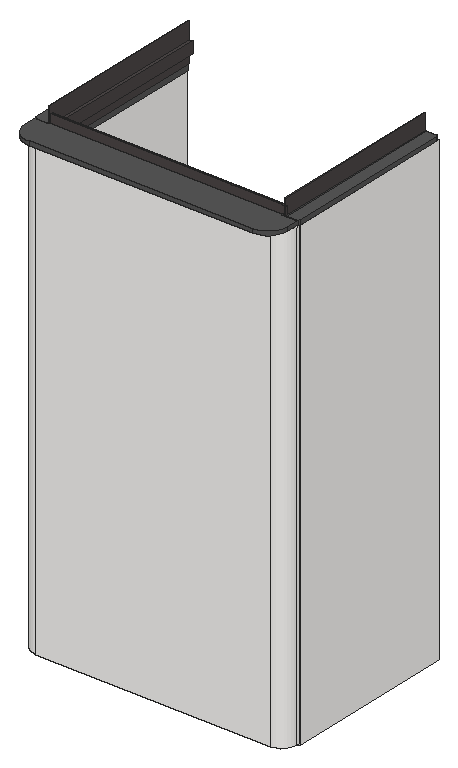
Revit family "vanity unit for handrinse basin, door hinge", category Furniture, Revit 2019 (continued)
Types (48, lengths in mm): name | Vanity unit 340_245 for handrinse basin, door hinge right-54018700-Dark Walnut-MATT_WHITE-400_RX0RY0RZ0TX0TY0TZ0_V | Vanity unit 340_245 for handrinse basin, door hinge right-54018700-Dark Walnut-MATT_WHITE-200_RX0RY0RZ0TX0TY0TZ0_V | Vanity unit 340_245 for handrinse basin, door hinge right-54018670-Dark Walnut-MATT_BLACK-400_RX0RY0RZ0TX0TY0TZ0_V | Vanity unit 340_245 for handrinse basin, door hinge right-54018670-Dark Walnut-MATT_BLACK-200_RX0RY0RZ0TX0TY0TZ0_V | Vanity unit 340_245 for handrinse basin, door hinge right-54018000-Dark Walnut-CHROME-400_RX0RY0RZ0TX0TY0TZ0_V | Vanity unit 340_245 for handrinse basin, door hinge right-54018000-Dark Walnut-CHROME-200_RX0RY0RZ0TX0TY0TZ0_V | Vanity unit 340_245 for handrinse basin, door hinge right-54017700-Natural Oak-MATT_WHITE-400_RX0RY0RZ0TX0TY0TZ0_V | Vanity unit 340_245 for handrinse basin, door hinge right-54017700-Natural Oak-MATT_WHITE-200_RX0RY0RZ0TX0TY0TZ0_V | Vanity unit 340_245 for handrinse basin, door hinge right-54017670-Natural Oak-MATT_BLACK-400_RX0RY0RZ0TX0TY0TZ0_V | Vanity unit 340_245 for handrinse basin, door hinge right-54017670-Natural Oak-MATT_BLACK-200_RX0RY0RZ0TX0TY0TZ0_V | Vanity unit 340_245 for handrinse basin, door hinge right-54017000-Natural Oak-CHROME-400_RX0RY0RZ0TX0TY0TZ0_V | Vanity unit 340_245 for handrinse basin, door hinge right-54017000-Natural Oak-CHROME-200_RX0RY0RZ0TX0TY0TZ0_V | Vanity unit 340_245 for handrinse basin, door hinge right-54016700-Diamond Matt Grey-MATT_WHITE-400_RX0RY0RZ0TX0TY0TZ0_V | Vanity unit 340_245 for handrinse basin, door hinge right-54016700-Diamond Matt Grey-MATT_WHITE-200_RX0RY0RZ0TX0TY0TZ0_V | Vanity unit 340_245 for handrinse basin, door hinge right-54016670-Diamond Matt Grey-MATT_BLACK-400_RX0RY0RZ0TX0TY0TZ0_V | Vanity unit 340_245 for handrinse basin, door hinge right-54016670-Diamond Matt Grey-MATT_BLACK-200_RX0RY0RZ0TX0TY0TZ0_V | Vanity unit 340_245 for handrinse basin, door hinge right-54016000-Diamond Matt Grey-CHROME-400_RX0RY0RZ0TX0TY0TZ0_V | Vanity unit 340_245 for handrinse basin, door hinge right-54016000-Diamond Matt Grey-CHROME-200_RX0RY0RZ0TX0TY0TZ0_V | Vanity unit 340_245 for handrinse basin, door hinge right-54015700-High Gloss White-MATT_WHITE-400_RX0RY0RZ0TX0TY0TZ0_V | Vanity unit 340_245 for handrinse basin, door hinge right-54015700-High Gloss White-MATT_WHITE-200_RX0RY0RZ0TX0TY0TZ0_V | Vanity unit 340_245 for handrinse basin, door hinge right-54015670-High Gloss White-MATT_BLACK-400_RX0RY0RZ0TX0TY0TZ0_V | Vanity unit 340_245 for handrinse basin, door hinge right-54015670-High Gloss White-MATT_BLACK-200_RX0RY0RZ0TX0TY0TZ0_V | Vanity unit 340_245 for handrinse basin, door hinge right-54015000-High Gloss White-CHROME-400_RX0RY0RZ0TX0TY0TZ0_V | Vanity unit 340_245 for handrinse basin, door hinge right-54015000-High Gloss White-CHROME-200_RX0RY0RZ0TX0TY0TZ0_V | Vanity unit 340_245 for handrinse basin, door hinge left-54014700-Dark Walnut-MATT_WHITE-400_RX0RY0RZ0TX0TY0TZ0_V | Vanity unit 340_245 for handrinse basin, door hinge left-54014700-Dark Walnut-MATT_WHITE-200_RX0RY0RZ0TX0TY0TZ0_V | Vanity unit 340_245 for handrinse basin, door hinge left-54014670-Dark Walnut-MATT_BLACK-400_RX0RY0RZ0TX0TY0TZ0_V | Vanity unit 340_245 for handrinse basin, door hinge left-54014670-Dark Walnut-MATT_BLACK-200_RX0RY0RZ0TX0TY0TZ0_V | Vanity unit 340_245 for handrinse basin, door hinge left-54014000-Dark Walnut-CHROME-400_RX0RY0RZ0TX0TY0TZ0_V | Vanity unit 340_245 for handrinse basin, door hinge left-54014000-Dark Walnut-CHROME-200_RX0RY0RZ0TX0TY0TZ0_V | Vanity unit 340_245 for handrinse basin, door hinge left-54013700-Natural Oak-MATT_WHITE-400_RX0RY0RZ0TX0TY0TZ0_V | Vanity unit 340_245 for handrinse basin, door hinge left-54013700-Natural Oak-MATT_WHITE-200_RX0RY0RZ0TX0TY0TZ0_V | Vanity unit 340_245 for handrinse basin, door hinge left-54013670-Natural Oak-MATT_BLACK-400_RX0RY0RZ0TX0TY0TZ0_V | Vanity unit 340_245 for handrinse basin, door hinge left-54013670-Natural Oak-MATT_BLACK-200_RX0RY0RZ0TX0TY0TZ0_V | Vanity unit 340_245 for handrinse basin, door hinge left-54013000-Natural Oak-CHROME-400_RX0RY0RZ0TX0TY0TZ0_V | Vanity unit 340_245 for handrinse basin, door hinge left-54013000-Natural Oak-CHROME-200_RX0RY0RZ0TX0TY0TZ0_V | Vanity unit 340_245 for handrinse basin, door hinge left-54012700-Diamond Matt Grey-MATT_WHITE-400_RX0RY0RZ0TX0TY0TZ0_V | Vanity unit 340_245 for handrinse basin, door hinge left-54012700-Diamond Matt Grey-MATT_WHITE-200_RX0RY0RZ0TX0TY0TZ0_V | Vanity unit 340_245 for handrinse basin, door hinge left-54012670-Diamond Matt Grey-MATT_BLACK-400_RX0RY0RZ0TX0TY0TZ0_V | Vanity unit 340_245 for handrinse basin, door hinge left-54012670-Diamond Matt Grey-MATT_BLACK-200_RX0RY0RZ0TX0TY0TZ0_V | Vanity unit 340_245 for handrinse basin, door hinge left-54012000-Diamond Matt Grey-CHROME-400_RX0RY0RZ0TX0TY0TZ0_V | Vanity unit 340_245 for handrinse basin, door hinge left-54012000-Diamond Matt Grey-CHROME-200_RX0RY0RZ0TX0TY0TZ0_V | Vanity unit 340_245 for handrinse basin, door hinge left-54011700-High Gloss White-MATT_WHITE-400_RX0RY0RZ0TX0TY0TZ0_V | Vanity unit 340_245 for handrinse basin, door hinge left-54011700-High Gloss White-MATT_WHITE-200_RX0RY0RZ0TX0TY0TZ0_V | Vanity unit 340_245 for handrinse basin, door hinge left-54011670-High Gloss White-MATT_BLACK-400_RX0RY0RZ0TX0TY0TZ0_V | Vanity unit 340_245 for handrinse basin, door hinge left-54011670-High Gloss White-MATT_BLACK-200_RX0RY0RZ0TX0TY0TZ0_V | Vanity unit 340_245 for handrinse basin, door hinge left-54011000-High Gloss White-CHROME-400_RX0RY0RZ0TX0TY0TZ0_V | Vanity unit 340_245 for handrinse basin, door hinge left-54011000-High Gloss White-CHROME-200_RX0RY0RZ0TX0TY0TZ0_V | SURFACE | PRODUCTURL | PERMALINK | OBERFLAECHE | NB | NAME | Model | MIdent | LODLEVEL | LINA | GTINCODE | BASENUMBER | ARTNR
  Vanity unit 340_245 for handrinse basin, door hinge left-54012670-Diamond Matt Grey-MATT_BLACK-400 | no | no | no | no | no | no | no | no | no | no | no | no | no | no | no | no | no | no | no | no | no | no | no | no | no | no | no | no | no | no | no | no | no | no | no | no | no | no | yes | no | no | no | no | no | no | no | no | no | "MATT_BLACK" | "https://pro.hansgrohe.com/articledetail--54012000" | "54012XXX" | "Diamond Matt Grey" | "Vanity unit 340/245 for handrinse basin, door hinge left-54012670-Diamond Matt Grey-MATT_BLACK-400" | "Xelu Q Vanity unit Diamond Matt Grey 340/245 for handrinse basin, door hinge left" | "Vanity unit 340/245 for handrinse basin, door hinge left-54012670-Diamond Matt Grey-MATT_BLACK-400" | "{$CADENAS_DATA/23d-libs/hansgrohe/xelu_furniture/vanity_unit_with_door_hinge/vanity_unit_for_handrinse_basin_with_door_hing.prj},381 {VTYP=3D},{NB=Vanity unit 340/245 for handrinse basin, door hinge left-54012670-Diamond Matt Grey-MATT_BLACK-400},{LINA=Vanity unit 340/245 for handrinse basin, door hinge left-54012670-Diamond Matt Grey-MATT_BLACK-400},{NN=Vanity Unit for handrinse basin, door hinge},{DATE=13.03.2023 09:26:03},{GEOMDATE=13.03.2023 09:26:00},{VERSION=},{LINEID=50},{WBVAR=LODLEVEL},{WBNUMERIC=}  {NB=Vanity unit 340/245 for handrinse basin, door hinge left-54012670-Diamond Matt Grey-MATT_BLACK-400},{LINA=Vanity unit 340/245 for handrinse basin, door hinge left-54012670-Diamond Matt Grey-MATT_BLACK-400},{KT=DUMMY},{IDNR=5},{ARTNR=54012670},{BASENUMBER=Vanity unit 340/245 for handrinse basin, door hinge left},{MODEL=54012XXX},{OBERFLAECHE=Diamond Matt Grey},{SURFACE=MATT_BLACK},{L=340},{LODLEVEL=400},{LODLEVELX='400','400','200','200'},{NAME=Xelu Q Vanity unit Diamond Matt Grey 340/245 for handrinse basin, door hinge left},{PERMALINK=54012XXX},{OBJECTTYPE=Object (single object)},{BIMOBJECT=Sanitary: Compound units},{PRODUCTFAMILY=Xelu Q},{PRODUCTGROUP=vanity unit},{WEIGHT=9.9},{DESCRIPTION=Xelu Q Vanity unit Diamond Matt Grey 340/245 for handrinse basin, door hinge left},{SPECIFICATION=},{PRODUCTURL=https://pro.hansgrohe.com/articledetail--54012000},{GTINCODE=4059625455104},{TENDERURL=},{IFC=Furnishing element},{ETIM=EC011381 | Bathroom furniture set},{UNICLASS2015=Pr_40_30_78_05 | Bathroom furniture},{OMNICLASS=23-21 19 15 33 13 | Residential Bathroom Specialty Casework},{MASTERFORMAT=12 35 30.23 | Bathroom Casework},{UNSPSC=56 | Furniture and Furnishings},{UNIFORMATII=E2010 | Fixed Furnishings},{REGIONSET=Worldwide},{DESIGN=Germany},{MANUFACTURER=Germany}" | "400" | "Vanity unit 340/245 for handrinse basin, door hinge left-54012670-Diamond Matt Grey-MATT_BLACK-400" | "4059625455104" | "Vanity unit 340/245 for handrinse basin, door hinge left" | "54012670"
  Vanity unit 340_245 for handrinse basin, door hinge left-54012700-Diamond Matt Grey-MATT_WHITE-200 | no | no | no | no | no | no | no | no | no | no | no | no | no | no | no | no | no | no | no | no | no | no | no | no | no | no | no | no | no | no | no | no | no | no | no | no | no | yes | no | no | no | no | no | no | no | no | no | no | "MATT_WHITE" | "https://pro.hansgrohe.com/articledetail--54012000" | "54012XXX" | "Diamond Matt Grey" | "Vanity unit 340/245 for handrinse basin, door hinge left-54012700-Diamond Matt Grey-MATT_WHITE-200" | "Xelu Q Vanity unit Diamond Matt Grey 340/245 for handrinse basin, door hinge left" | "Vanity unit 340/245 for handrinse basin, door hinge left-54012700-Diamond Matt Grey-MATT_WHITE-200" | "{$CADENAS_DATA/23d-libs/hansgrohe/xelu_furniture/vanity_unit_with_door_hinge/vanity_unit_for_handrinse_basin_with_door_hing.prj},381 {VTYP=3D},{NB=Vanity unit 340/245 for handrinse basin, door hinge left-54012700-Diamond Matt Grey-MATT_WHITE-200},{LINA=Vanity unit 340/245 for handrinse basin, door hinge left-54012700-Diamond Matt Grey-MATT_WHITE-200},{NN=Vanity Unit for handrinse basin, door hinge},{DATE=13.03.2023 09:26:03},{GEOMDATE=13.03.2023 09:26:00},{VERSION=},{LINEID=60},{WBVAR=LODLEVEL},{WBNUMERIC=}  {NB=Vanity unit 340/245 for handrinse basin, door hinge left-54012700-Diamond Matt Grey-MATT_WHITE-200},{LINA=Vanity unit 340/245 for handrinse basin, door hinge left-54012700-Diamond Matt Grey-MATT_WHITE-200},{KT=DUMMY},{IDNR=6},{ARTNR=54012700},{BASENUMBER=Vanity unit 340/245 for handrinse basin, door hinge left},{MODEL=54012XXX},{OBERFLAECHE=Diamond Matt Grey},{SURFACE=MATT_WHITE},{L=340},{LODLEVEL=200},{LODLEVELX='400','400','200','200'},{NAME=Xelu Q Vanity unit Diamond Matt Grey 340/245 for handrinse basin, door hinge left},{PERMALINK=54012XXX},{OBJECTTYPE=Object (single object)},{BIMOBJECT=Sanitary: Compound units},{PRODUCTFAMILY=Xelu Q},{PRODUCTGROUP=vanity unit},{WEIGHT=9.9},{DESCRIPTION=Xelu Q Vanity unit Diamond Matt Grey 340/245 for handrinse basin, door hinge left},{SPECIFICATION=},{PRODUCTURL=https://pro.hansgrohe.com/articledetail--54012000},{GTINCODE=4059625455104},{TENDERURL=},{IFC=Furnishing element},{ETIM=EC011381 | Bathroom furniture set},{UNICLASS2015=Pr_40_30_78_05 | Bathroom furniture},{OMNICLASS=23-21 19 15 33 13 | Residential Bathroom Specialty Casework},{MASTERFORMAT=12 35 30.23 | Bathroom Casework},{UNSPSC=56 | Furniture and Furnishings},{UNIFORMATII=E2010 | Fixed Furnishings},{REGIONSET=Worldwide},{DESIGN=Germany},{MANUFACTURER=Germany}" | "200" | "Vanity unit 340/245 for handrinse basin, door hinge left-54012700-Diamond Matt Grey-MATT_WHITE-200" | "4059625455104" | "Vanity unit 340/245 for handrinse basin, door hinge left" | "54012700"
  Vanity unit 340_245 for handrinse basin, door hinge left-54012700-Diamond Matt Grey-MATT_WHITE-400 | no | no | no | no | no | no | no | no | no | no | no | no | no | no | no | no | no | no | no | no | no | no | no | no | no | no | no | no | no | no | no | no | no | no | no | no | yes | no | no | no | no | no | no | no | no | no | no | no | "MATT_WHITE" | "https://pro.hansgrohe.com/articledetail--54012000" | "54012XXX" | "Diamond Matt Grey" | "Vanity unit 340/245 for handrinse basin, door hinge left-54012700-Diamond Matt Grey-MATT_WHITE-400" | "Xelu Q Vanity unit Diamond Matt Grey 340/245 for handrinse basin, door hinge left" | "Vanity unit 340/245 for handrinse basin, door hinge left-54012700-Diamond Matt Grey-MATT_WHITE-400" | "{$CADENAS_DATA/23d-libs/hansgrohe/xelu_furniture/vanity_unit_with_door_hinge/vanity_unit_for_handrinse_basin_with_door_hing.prj},381 {VTYP=3D},{NB=Vanity unit 340/245 for handrinse basin, door hinge left-54012700-Diamond Matt Grey-MATT_WHITE-400},{LINA=Vanity unit 340/245 for handrinse basin, door hinge left-54012700-Diamond Matt Grey-MATT_WHITE-400},{NN=Vanity Unit for handrinse basin, door hinge},{DATE=13.03.2023 09:26:03},{GEOMDATE=13.03.2023 09:26:00},{VERSION=},{LINEID=60},{WBVAR=LODLEVEL},{WBNUMERIC=}  {NB=Vanity unit 340/245 for handrinse basin, door hinge left-54012700-Diamond Matt Grey-MATT_WHITE-400},{LINA=Vanity unit 340/245 for handrinse basin, door hinge left-54012700-Diamond Matt Grey-MATT_WHITE-400},{KT=DUMMY},{IDNR=6},{ARTNR=54012700},{BASENUMBER=Vanity unit 340/245 for handrinse basin, door hinge left},{MODEL=54012XXX},{OBERFLAECHE=Diamond Matt Grey},{SURFACE=MATT_WHITE},{L=340},{LODLEVEL=400},{LODLEVELX='400','400','200','200'},{NAME=Xelu Q Vanity unit Diamond Matt Grey 340/245 for handrinse basin, door hinge left},{PERMALINK=54012XXX},{OBJECTTYPE=Object (single object)},{BIMOBJECT=Sanitary: Compound units},{PRODUCTFAMILY=Xelu Q},{PRODUCTGROUP=vanity unit},{WEIGHT=9.9},{DESCRIPTION=Xelu Q Vanity unit Diamond Matt Grey 340/245 for handrinse basin, door hinge left},{SPECIFICATION=},{PRODUCTURL=https://pro.hansgrohe.com/articledetail--54012000},{GTINCODE=4059625455104},{TENDERURL=},{IFC=Furnishing element},{ETIM=EC011381 | Bathroom furniture set},{UNICLASS2015=Pr_40_30_78_05 | Bathroom furniture},{OMNICLASS=23-21 19 15 33 13 | Residential Bathroom Specialty Casework},{MASTERFORMAT=12 35 30.23 | Bathroom Casework},{UNSPSC=56 | Furniture and Furnishings},{UNIFORMATII=E2010 | Fixed Furnishings},{REGIONSET=Worldwide},{DESIGN=Germany},{MANUFACTURER=Germany}" | "400" | "Vanity unit 340/245 for handrinse basin, door hinge left-54012700-Diamond Matt Grey-MATT_WHITE-400" | "4059625455104" | "Vanity unit 340/245 for handrinse basin, door hinge left" | "54012700"
  Vanity unit 340_245 for handrinse basin, door hinge left-54013000-Natural Oak-CHROME-200 | no | no | no | no | no | no | no | no | no | no | no | no | no | no | no | no | no | no | no | no | no | no | no | no | no | no | no | no | no | no | no | no | no | no | no | yes | no | no | no | no | no | no | no | no | no | no | no | no | "CHROME" | "https://pro.hansgrohe.com/articledetail--54013000" | "54013XXX" | "Natural Oak" | "Vanity unit 340/245 for handrinse basin, door hinge left-54013000-Natural Oak-CHROME-200" | "Xelu Q Vanity unit Natual Oak 340/245 for handrinse basin, door hinge left" | "Vanity unit 340/245 for handrinse basin, door hinge left-54013000-Natural Oak-CHROME-200" | "{$CADENAS_DATA/23d-libs/hansgrohe/xelu_furniture/vanity_unit_with_door_hinge/vanity_unit_for_handrinse_basin_with_door_hing.prj},361 {VTYP=3D},{NB=Vanity unit 340/245 for handrinse basin, door hinge left-54013000-Natural Oak-CHROME-200},{LINA=Vanity unit 340/245 for handrinse basin, door hinge left-54013000-Natural Oak-CHROME-200},{NN=Vanity Unit for handrinse basin, door hinge},{DATE=13.03.2023 09:26:03},{GEOMDATE=13.03.2023 09:26:00},{VERSION=},{LINEID=90},{WBVAR=LODLEVEL},{WBNUMERIC=}  {NB=Vanity unit 340/245 for handrinse basin, door hinge left-54013000-Natural Oak-CHROME-200},{LINA=Vanity unit 340/245 for handrinse basin, door hinge left-54013000-Natural Oak-CHROME-200},{KT=DUMMY},{IDNR=9},{ARTNR=54013000},{BASENUMBER=Vanity unit 340/245 for handrinse basin, door hinge left},{MODEL=54013XXX},{OBERFLAECHE=Natural Oak},{SURFACE=CHROME},{L=340},{LODLEVEL=200},{LODLEVELX='400','400','200','200'},{NAME=Xelu Q Vanity unit Natual Oak 340/245 for handrinse basin, door hinge left},{PERMALINK=54013XXX},{OBJECTTYPE=Object (single object)},{BIMOBJECT=Sanitary: Compound units},{PRODUCTFAMILY=Xelu Q},{PRODUCTGROUP=vanity unit},{WEIGHT=9.9},{DESCRIPTION=Xelu Q Vanity unit Natual Oak 340/245 for handrinse basin, door hinge left},{SPECIFICATION=},{PRODUCTURL=https://pro.hansgrohe.com/articledetail--54013000},{GTINCODE=4059625455074},{TENDERURL=},{IFC=Furnishing element},{ETIM=EC011381 | Bathroom furniture set},{UNICLASS2015=Pr_40_30_78_05 | Bathroom furniture},{OMNICLASS=23-21 19 15 33 13 | Residential Bathroom Specialty Casework},{MASTERFORMAT=12 35 30.23 | Bathroom Casework},{UNSPSC=56 | Furniture and Furnishings},{UNIFORMATII=E2010 | Fixed Furnishings},{REGIONSET=Worldwide},{DESIGN=Germany},{MANUFACTURER=Germany}" | "200" | "Vanity unit 340/245 for handrinse basin, door hinge left-54013000-Natural Oak-CHROME-200" | "4059625455074" | "Vanity unit 340/245 for handrinse basin, door hinge left" | "54013000"
  Vanity unit 340_245 for handrinse basin, door hinge left-54013000-Natural Oak-CHROME-400 | no | no | no | no | no | no | no | no | no | no | no | no | no | no | no | no | no | no | no | no | no | no | no | no | no | no | no | no | no | no | no | no | no | no | yes | no | no | no | no | no | no | no | no | no | no | no | no | no | "CHROME" | "https://pro.hansgrohe.com/articledetail--54013000" | "54013XXX" | "Natural Oak" | "Vanity unit 340/245 for handrinse basin, door hinge left-54013000-Natural Oak-CHROME-400" | "Xelu Q Vanity unit Natual Oak 340/245 for handrinse basin, door hinge left" | "Vanity unit 340/245 for handrinse basin, door hinge left-54013000-Natural Oak-CHROME-400" | "{$CADENAS_DATA/23d-libs/hansgrohe/xelu_furniture/vanity_unit_with_door_hinge/vanity_unit_for_handrinse_basin_with_door_hing.prj},361 {VTYP=3D},{NB=Vanity unit 340/245 for handrinse basin, door hinge left-54013000-Natural Oak-CHROME-400},{LINA=Vanity unit 340/245 for handrinse basin, door hinge left-54013000-Natural Oak-CHROME-400},{NN=Vanity Unit for handrinse basin, door hinge},{DATE=13.03.2023 09:26:03},{GEOMDATE=13.03.2023 09:26:00},{VERSION=},{LINEID=90},{WBVAR=LODLEVEL},{WBNUMERIC=}  {NB=Vanity unit 340/245 for handrinse basin, door hinge left-54013000-Natural Oak-CHROME-400},{LINA=Vanity unit 340/245 for handrinse basin, door hinge left-54013000-Natural Oak-CHROME-400},{KT=DUMMY},{IDNR=9},{ARTNR=54013000},{BASENUMBER=Vanity unit 340/245 for handrinse basin, door hinge left},{MODEL=54013XXX},{OBERFLAECHE=Natural Oak},{SURFACE=CHROME},{L=340},{LODLEVEL=400},{LODLEVELX='400','400','200','200'},{NAME=Xelu Q Vanity unit Natual Oak 340/245 for handrinse basin, door hinge left},{PERMALINK=54013XXX},{OBJECTTYPE=Object (single object)},{BIMOBJECT=Sanitary: Compound units},{PRODUCTFAMILY=Xelu Q},{PRODUCTGROUP=vanity unit},{WEIGHT=9.9},{DESCRIPTION=Xelu Q Vanity unit Natual Oak 340/245 for handrinse basin, door hinge left},{SPECIFICATION=},{PRODUCTURL=https://pro.hansgrohe.com/articledetail--54013000},{GTINCODE=4059625455074},{TENDERURL=},{IFC=Furnishing element},{ETIM=EC011381 | Bathroom furniture set},{UNICLASS2015=Pr_40_30_78_05 | Bathroom furniture},{OMNICLASS=23-21 19 15 33 13 | Residential Bathroom Specialty Casework},{MASTERFORMAT=12 35 30.23 | Bathroom Casework},{UNSPSC=56 | Furniture and Furnishings},{UNIFORMATII=E2010 | Fixed Furnishings},{REGIONSET=Worldwide},{DESIGN=Germany},{MANUFACTURER=Germany}" | "400" | "Vanity unit 340/245 for handrinse basin, door hinge left-54013000-Natural Oak-CHROME-400" | "4059625455074" | "Vanity unit 340/245 for handrinse basin, door hinge left" | "54013000"
  Vanity unit 340_245 for handrinse basin, door hinge left-54013670-Natural Oak-MATT_BLACK-200 | no | no | no | no | no | no | no | no | no | no | no | no | no | no | no | no | no | no | no | no | no | no | no | no | no | no | no | no | no | no | no | no | no | yes | no | no | no | no | no | no | no | no | no | no | no | no | no | no | "MATT_BLACK" | "https://pro.hansgrohe.com/articledetail--54013000" | "54013XXX" | "Natural Oak" | "Vanity unit 340/245 for handrinse basin, door hinge left-54013670-Natural Oak-MATT_BLACK-200" | "Xelu Q Vanity unit Natual Oak 340/245 for handrinse basin, door hinge left" | "Vanity unit 340/245 for handrinse basin, door hinge left-54013670-Natural Oak-MATT_BLACK-200" | "{$CADENAS_DATA/23d-libs/hansgrohe/xelu_furniture/vanity_unit_with_door_hinge/vanity_unit_for_handrinse_basin_with_door_hing.prj},369 {VTYP=3D},{NB=Vanity unit 340/245 for handrinse basin, door hinge left-54013670-Natural Oak-MATT_BLACK-200},{LINA=Vanity unit 340/245 for handrinse basin, door hinge left-54013670-Natural Oak-MATT_BLACK-200},{NN=Vanity Unit for handrinse basin, door hinge},{DATE=13.03.2023 09:26:03},{GEOMDATE=13.03.2023 09:26:00},{VERSION=},{LINEID=70},{WBVAR=LODLEVEL},{WBNUMERIC=}  {NB=Vanity unit 340/245 for handrinse basin, door hinge left-54013670-Natural Oak-MATT_BLACK-200},{LINA=Vanity unit 340/245 for handrinse basin, door hinge left-54013670-Natural Oak-MATT_BLACK-200},{KT=DUMMY},{IDNR=7},{ARTNR=54013670},{BASENUMBER=Vanity unit 340/245 for handrinse basin, door hinge left},{MODEL=54013XXX},{OBERFLAECHE=Natural Oak},{SURFACE=MATT_BLACK},{L=340},{LODLEVEL=200},{LODLEVELX='400','400','200','200'},{NAME=Xelu Q Vanity unit Natual Oak 340/245 for handrinse basin, door hinge left},{PERMALINK=54013XXX},{OBJECTTYPE=Object (single object)},{BIMOBJECT=Sanitary: Compound units},{PRODUCTFAMILY=Xelu Q},{PRODUCTGROUP=vanity unit},{WEIGHT=9.9},{DESCRIPTION=Xelu Q Vanity unit Natual Oak 340/245 for handrinse basin, door hinge left},{SPECIFICATION=},{PRODUCTURL=https://pro.hansgrohe.com/articledetail--54013000},{GTINCODE=4059625455074},{TENDERURL=},{IFC=Furnishing element},{ETIM=EC011381 | Bathroom furniture set},{UNICLASS2015=Pr_40_30_78_05 | Bathroom furniture},{OMNICLASS=23-21 19 15 33 13 | Residential Bathroom Specialty Casework},{MASTERFORMAT=12 35 30.23 | Bathroom Casework},{UNSPSC=56 | Furniture and Furnishings},{UNIFORMATII=E2010 | Fixed Furnishings},{REGIONSET=Worldwide},{DESIGN=Germany},{MANUFACTURER=Germany}" | "200" | "Vanity unit 340/245 for handrinse basin, door hinge left-54013670-Natural Oak-MATT_BLACK-200" | "4059625455074" | "Vanity unit 340/245 for handrinse basin, door hinge left" | "54013670"
  Vanity unit 340_245 for handrinse basin, door hinge left-54013670-Natural Oak-MATT_BLACK-400 | no | no | no | no | no | no | no | no | no | no | no | no | no | no | no | no | no | no | no | no | no | no | no | no | no | no | no | no | no | no | no | no | yes | no | no | no | no | no | no | no | no | no | no | no | no | no | no | no | "MATT_BLACK" | "https://pro.hansgrohe.com/articledetail--54013000" | "54013XXX" | "Natural Oak" | "Vanity unit 340/245 for handrinse basin, door hinge left-54013670-Natural Oak-MATT_BLACK-400" | "Xelu Q Vanity unit Natual Oak 340/245 for handrinse basin, door hinge left" | "Vanity unit 340/245 for handrinse basin, door hinge left-54013670-Natural Oak-MATT_BLACK-400" | "{$CADENAS_DATA/23d-libs/hansgrohe/xelu_furniture/vanity_unit_with_door_hinge/vanity_unit_for_handrinse_basin_with_door_hing.prj},369 {VTYP=3D},{NB=Vanity unit 340/245 for handrinse basin, door hinge left-54013670-Natural Oak-MATT_BLACK-400},{LINA=Vanity unit 340/245 for handrinse basin, door hinge left-54013670-Natural Oak-MATT_BLACK-400},{NN=Vanity Unit for handrinse basin, door hinge},{DATE=13.03.2023 09:26:03},{GEOMDATE=13.03.2023 09:26:00},{VERSION=},{LINEID=70},{WBVAR=LODLEVEL},{WBNUMERIC=}  {NB=Vanity unit 340/245 for handrinse basin, door hinge left-54013670-Natural Oak-MATT_BLACK-400},{LINA=Vanity unit 340/245 for handrinse basin, door hinge left-54013670-Natural Oak-MATT_BLACK-400},{KT=DUMMY},{IDNR=7},{ARTNR=54013670},{BASENUMBER=Vanity unit 340/245 for handrinse basin, door hinge left},{MODEL=54013XXX},{OBERFLAECHE=Natural Oak},{SURFACE=MATT_BLACK},{L=340},{LODLEVEL=400},{LODLEVELX='400','400','200','200'},{NAME=Xelu Q Vanity unit Natual Oak 340/245 for handrinse basin, door hinge left},{PERMALINK=54013XXX},{OBJECTTYPE=Object (single object)},{BIMOBJECT=Sanitary: Compound units},{PRODUCTFAMILY=Xelu Q},{PRODUCTGROUP=vanity unit},{WEIGHT=9.9},{DESCRIPTION=Xelu Q Vanity unit Natual Oak 340/245 for handrinse basin, door hinge left},{SPECIFICATION=},{PRODUCTURL=https://pro.hansgrohe.com/articledetail--54013000},{GTINCODE=4059625455074},{TENDERURL=},{IFC=Furnishing element},{ETIM=EC011381 | Bathroom furniture set},{UNICLASS2015=Pr_40_30_78_05 | Bathroom furniture},{OMNICLASS=23-21 19 15 33 13 | Residential Bathroom Specialty Casework},{MASTERFORMAT=12 35 30.23 | Bathroom Casework},{UNSPSC=56 | Furniture and Furnishings},{UNIFORMATII=E2010 | Fixed Furnishings},{REGIONSET=Worldwide},{DESIGN=Germany},{MANUFACTURER=Germany}" | "400" | "Vanity unit 340/245 for handrinse basin, door hinge left-54013670-Natural Oak-MATT_BLACK-400" | "4059625455074" | "Vanity unit 340/245 for handrinse basin, door hinge left" | "54013670"
  Vanity unit 340_245 for handrinse basin, door hinge left-54013700-Natural Oak-MATT_WHITE-200 | no | no | no | no | no | no | no | no | no | no | no | no | no | no | no | no | no | no | no | no | no | no | no | no | no | no | no | no | no | no | no | yes | no | no | no | no | no | no | no | no | no | no | no | no | no | no | no | no | "MATT_WHITE" | "https://pro.hansgrohe.com/articledetail--54013000" | "54013XXX" | "Natural Oak" | "Vanity unit 340/245 for handrinse basin, door hinge left-54013700-Natural Oak-MATT_WHITE-200" | "Xelu Q Vanity unit Natual Oak 340/245 for handrinse basin, door hinge left" | "Vanity unit 340/245 for handrinse basin, door hinge left-54013700-Natural Oak-MATT_WHITE-200" | "{$CADENAS_DATA/23d-libs/hansgrohe/xelu_furniture/vanity_unit_with_door_hinge/vanity_unit_for_handrinse_basin_with_door_hing.prj},369 {VTYP=3D},{NB=Vanity unit 340/245 for handrinse basin, door hinge left-54013700-Natural Oak-MATT_WHITE-200},{LINA=Vanity unit 340/245 for handrinse basin, door hinge left-54013700-Natural Oak-MATT_WHITE-200},{NN=Vanity Unit for handrinse basin, door hinge},{DATE=13.03.2023 09:26:03},{GEOMDATE=13.03.2023 09:26:00},{VERSION=},{LINEID=80},{WBVAR=LODLEVEL},{WBNUMERIC=}  {NB=Vanity unit 340/245 for handrinse basin, door hinge left-54013700-Natural Oak-MATT_WHITE-200},{LINA=Vanity unit 340/245 for handrinse basin, door hinge left-54013700-Natural Oak-MATT_WHITE-200},{KT=DUMMY},{IDNR=8},{ARTNR=54013700},{BASENUMBER=Vanity unit 340/245 for handrinse basin, door hinge left},{MODEL=54013XXX},{OBERFLAECHE=Natural Oak},{SURFACE=MATT_WHITE},{L=340},{LODLEVEL=200},{LODLEVELX='400','400','200','200'},{NAME=Xelu Q Vanity unit Natual Oak 340/245 for handrinse basin, door hinge left},{PERMALINK=54013XXX},{OBJECTTYPE=Object (single object)},{BIMOBJECT=Sanitary: Compound units},{PRODUCTFAMILY=Xelu Q},{PRODUCTGROUP=vanity unit},{WEIGHT=9.9},{DESCRIPTION=Xelu Q Vanity unit Natual Oak 340/245 for handrinse basin, door hinge left},{SPECIFICATION=},{PRODUCTURL=https://pro.hansgrohe.com/articledetail--54013000},{GTINCODE=4059625455074},{TENDERURL=},{IFC=Furnishing element},{ETIM=EC011381 | Bathroom furniture set},{UNICLASS2015=Pr_40_30_78_05 | Bathroom furniture},{OMNICLASS=23-21 19 15 33 13 | Residential Bathroom Specialty Casework},{MASTERFORMAT=12 35 30.23 | Bathroom Casework},{UNSPSC=56 | Furniture and Furnishings},{UNIFORMATII=E2010 | Fixed Furnishings},{REGIONSET=Worldwide},{DESIGN=Germany},{MANUFACTURER=Germany}" | "200" | "Vanity unit 340/245 for handrinse basin, door hinge left-54013700-Natural Oak-MATT_WHITE-200" | "4059625455074" | "Vanity unit 340/245 for handrinse basin, door hinge left" | "54013700"
  Vanity unit 340_245 for handrinse basin, door hinge left-54013700-Natural Oak-MATT_WHITE-400 | no | no | no | no | no | no | no | no | no | no | no | no | no | no | no | no | no | no | no | no | no | no | no | no | no | no | no | no | no | no | yes | no | no | no | no | no | no | no | no | no | no | no | no | no | no | no | no | no | "MATT_WHITE" | "https://pro.hansgrohe.com/articledetail--54013000" | "54013XXX" | "Natural Oak" | "Vanity unit 340/245 for handrinse basin, door hinge left-54013700-Natural Oak-MATT_WHITE-400" | "Xelu Q Vanity unit Natual Oak 340/245 for handrinse basin, door hinge left" | "Vanity unit 340/245 for handrinse basin, door hinge left-54013700-Natural Oak-MATT_WHITE-400" | "{$CADENAS_DATA/23d-libs/hansgrohe/xelu_furniture/vanity_unit_with_door_hinge/vanity_unit_for_handrinse_basin_with_door_hing.prj},369 {VTYP=3D},{NB=Vanity unit 340/245 for handrinse basin, door hinge left-54013700-Natural Oak-MATT_WHITE-400},{LINA=Vanity unit 340/245 for handrinse basin, door hinge left-54013700-Natural Oak-MATT_WHITE-400},{NN=Vanity Unit for handrinse basin, door hinge},{DATE=13.03.2023 09:26:03},{GEOMDATE=13.03.2023 09:26:00},{VERSION=},{LINEID=80},{WBVAR=LODLEVEL},{WBNUMERIC=}  {NB=Vanity unit 340/245 for handrinse basin, door hinge left-54013700-Natural Oak-MATT_WHITE-400},{LINA=Vanity unit 340/245 for handrinse basin, door hinge left-54013700-Natural Oak-MATT_WHITE-400},{KT=DUMMY},{IDNR=8},{ARTNR=54013700},{BASENUMBER=Vanity unit 340/245 for handrinse basin, door hinge left},{MODEL=54013XXX},{OBERFLAECHE=Natural Oak},{SURFACE=MATT_WHITE},{L=340},{LODLEVEL=400},{LODLEVELX='400','400','200','200'},{NAME=Xelu Q Vanity unit Natual Oak 340/245 for handrinse basin, door hinge left},{PERMALINK=54013XXX},{OBJECTTYPE=Object (single object)},{BIMOBJECT=Sanitary: Compound units},{PRODUCTFAMILY=Xelu Q},{PRODUCTGROUP=vanity unit},{WEIGHT=9.9},{DESCRIPTION=Xelu Q Vanity unit Natual Oak 340/245 for handrinse basin, door hinge left},{SPECIFICATION=},{PRODUCTURL=https://pro.hansgrohe.com/articledetail--54013000},{GTINCODE=4059625455074},{TENDERURL=},{IFC=Furnishing element},{ETIM=EC011381 | Bathroom furniture set},{UNICLASS2015=Pr_40_30_78_05 | Bathroom furniture},{OMNICLASS=23-21 19 15 33 13 | Residential Bathroom Specialty Casework},{MASTERFORMAT=12 35 30.23 | Bathroom Casework},{UNSPSC=56 | Furniture and Furnishings},{UNIFORMATII=E2010 | Fixed Furnishings},{REGIONSET=Worldwide},{DESIGN=Germany},{MANUFACTURER=Germany}" | "400" | "Vanity unit 340/245 for handrinse basin, door hinge left-54013700-Natural Oak-MATT_WHITE-400" | "4059625455074" | "Vanity unit 340/245 for handrinse basin, door hinge left" | "54013700"
  Vanity unit 340_245 for handrinse basin, door hinge left-54014000-Dark Walnut-CHROME-200 | no | no | no | no | no | no | no | no | no | no | no | no | no | no | no | no | no | no | no | no | no | no | no | no | no | no | no | no | no | yes | no | no | no | no | no | no | no | no | no | no | no | no | no | no | no | no | no | no | "CHROME" | "https://pro.hansgrohe.com/articledetail--54014000" | "54014XXX" | "Dark Walnut" | "Vanity unit 340/245 for handrinse basin, door hinge left-54014000-Dark Walnut-CHROME-200" | "Xelu Q Vanity unit Dark Walnut 340/245 for handrinse basin, door hinge left" | "Vanity unit 340/245 for handrinse basin, door hinge left-54014000-Dark Walnut-CHROME-200" | "{$CADENAS_DATA/23d-libs/hansgrohe/xelu_furniture/vanity_unit_with_door_hinge/vanity_unit_for_handrinse_basin_with_door_hing.prj},362 {VTYP=3D},{NB=Vanity unit 340/245 for handrinse basin, door hinge left-54014000-Dark Walnut-CHROME-200},{LINA=Vanity unit 340/245 for handrinse basin, door hinge left-54014000-Dark Walnut-CHROME-200},{NN=Vanity Unit for handrinse basin, door hinge},{DATE=13.03.2023 09:26:03},{GEOMDATE=13.03.2023 09:26:00},{VERSION=},{LINEID=120},{WBVAR=LODLEVEL},{WBNUMERIC=}  {NB=Vanity unit 340/245 for handrinse basin, door hinge left-54014000-Dark Walnut-CHROME-200},{LINA=Vanity unit 340/245 for handrinse basin, door hinge left-54014000-Dark Walnut-CHROME-200},{KT=DUMMY},{IDNR=12},{ARTNR=54014000},{BASENUMBER=Vanity unit 340/245 for handrinse basin, door hinge left},{MODEL=54014XXX},{OBERFLAECHE=Dark Walnut},{SURFACE=CHROME},{L=340},{LODLEVEL=200},{LODLEVELX='400','400','200','200'},{NAME=Xelu Q Vanity unit Dark Walnut 340/245 for handrinse basin, door hinge left},{PERMALINK=54014XXX},{OBJECTTYPE=Object (single object)},{BIMOBJECT=Sanitary: Compound units},{PRODUCTFAMILY=Xelu Q},{PRODUCTGROUP=vanity unit},{WEIGHT=9.9},{DESCRIPTION=Xelu Q Vanity unit Dark Walnut 340/245 for handrinse basin, door hinge left},{SPECIFICATION=},{PRODUCTURL=https://pro.hansgrohe.com/articledetail--54014000},{GTINCODE=4059625455043},{TENDERURL=},{IFC=Furnishing element},{ETIM=EC011381 | Bathroom furniture set},{UNICLASS2015=Pr_40_30_78_05 | Bathroom furniture},{OMNICLASS=23-21 19 15 33 13 | Residential Bathroom Specialty Casework},{MASTERFORMAT=12 35 30.23 | Bathroom Casework},{UNSPSC=56 | Furniture and Furnishings},{UNIFORMATII=E2010 | Fixed Furnishings},{REGIONSET=Worldwide},{DESIGN=Germany},{MANUFACTURER=Germany}" | "200" | "Vanity unit 340/245 for handrinse basin, door hinge left-54014000-Dark Walnut-CHROME-200" | "4059625455043" | "Vanity unit 340/245 for handrinse basin, door hinge left" | "54014000"
  Vanity unit 340_245 for handrinse basin, door hinge left-54014000-Dark Walnut-CHROME-400 | no | no | no | no | no | no | no | no | no | no | no | no | no | no | no | no | no | no | no | no | no | no | no | no | no | no | no | no | yes | no | no | no | no | no | no | no | no | no | no | no | no | no | no | no | no | no | no | no | "CHROME" | "https://pro.hansgrohe.com/articledetail--54014000" | "54014XXX" | "Dark Walnut" | "Vanity unit 340/245 for handrinse basin, door hinge left-54014000-Dark Walnut-CHROME-400" | "Xelu Q Vanity unit Dark Walnut 340/245 for handrinse basin, door hinge left" | "Vanity unit 340/245 for handrinse basin, door hinge left-54014000-Dark Walnut-CHROME-400" | "{$CADENAS_DATA/23d-libs/hansgrohe/xelu_furniture/vanity_unit_with_door_hinge/vanity_unit_for_handrinse_basin_with_door_hing.prj},362 {VTYP=3D},{NB=Vanity unit 340/245 for handrinse basin, door hinge left-54014000-Dark Walnut-CHROME-400},{LINA=Vanity unit 340/245 for handrinse basin, door hinge left-54014000-Dark Walnut-CHROME-400},{NN=Vanity Unit for handrinse basin, door hinge},{DATE=13.03.2023 09:26:03},{GEOMDATE=13.03.2023 09:26:00},{VERSION=},{LINEID=120},{WBVAR=LODLEVEL},{WBNUMERIC=}  {NB=Vanity unit 340/245 for handrinse basin, door hinge left-54014000-Dark Walnut-CHROME-400},{LINA=Vanity unit 340/245 for handrinse basin, door hinge left-54014000-Dark Walnut-CHROME-400},{KT=DUMMY},{IDNR=12},{ARTNR=54014000},{BASENUMBER=Vanity unit 340/245 for handrinse basin, door hinge left},{MODEL=54014XXX},{OBERFLAECHE=Dark Walnut},{SURFACE=CHROME},{L=340},{LODLEVEL=400},{LODLEVELX='400','400','200','200'},{NAME=Xelu Q Vanity unit Dark Walnut 340/245 for handrinse basin, door hinge left},{PERMALINK=54014XXX},{OBJECTTYPE=Object (single object)},{BIMOBJECT=Sanitary: Compound units},{PRODUCTFAMILY=Xelu Q},{PRODUCTGROUP=vanity unit},{WEIGHT=9.9},{DESCRIPTION=Xelu Q Vanity unit Dark Walnut 340/245 for handrinse basin, door hinge left},{SPECIFICATION=},{PRODUCTURL=https://pro.hansgrohe.com/articledetail--54014000},{GTINCODE=4059625455043},{TENDERURL=},{IFC=Furnishing element},{ETIM=EC011381 | Bathroom furniture set},{UNICLASS2015=Pr_40_30_78_05 | Bathroom furniture},{OMNICLASS=23-21 19 15 33 13 | Residential Bathroom Specialty Casework},{MASTERFORMAT=12 35 30.23 | Bathroom Casework},{UNSPSC=56 | Furniture and Furnishings},{UNIFORMATII=E2010 | Fixed Furnishings},{REGIONSET=Worldwide},{DESIGN=Germany},{MANUFACTURER=Germany}" | "400" | "Vanity unit 340/245 for handrinse basin, door hinge left-54014000-Dark Walnut-CHROME-400" | "4059625455043" | "Vanity unit 340/245 for handrinse basin, door hinge left" | "54014000"
  Vanity unit 340_245 for handrinse basin, door hinge left-54014670-Dark Walnut-MATT_BLACK-200 | no | no | no | no | no | no | no | no | no | no | no | no | no | no | no | no | no | no | no | no | no | no | no | no | no | no | no | yes | no | no | no | no | no | no | no | no | no | no | no | no | no | no | no | no | no | no | no | no | "MATT_BLACK" | "https://pro.hansgrohe.com/articledetail--54014000" | "54014XXX" | "Dark Walnut" | "Vanity unit 340/245 for handrinse basin, door hinge left-54014670-Dark Walnut-MATT_BLACK-200" | "Xelu Q Vanity unit Dark Walnut 340/245 for handrinse basin, door hinge left" | "Vanity unit 340/245 for handrinse basin, door hinge left-54014670-Dark Walnut-MATT_BLACK-200" | "{$CADENAS_DATA/23d-libs/hansgrohe/xelu_furniture/vanity_unit_with_door_hinge/vanity_unit_for_handrinse_basin_with_door_hing.prj},370 {VTYP=3D},{NB=Vanity unit 340/245 for handrinse basin, door hinge left-54014670-Dark Walnut-MATT_BLACK-200},{LINA=Vanity unit 340/245 for handrinse basin, door hinge left-54014670-Dark Walnut-MATT_BLACK-200},{NN=Vanity Unit for handrinse basin, door hinge},{DATE=13.03.2023 09:26:03},{GEOMDATE=13.03.2023 09:26:00},{VERSION=},{LINEID=110},{WBVAR=LODLEVEL},{WBNUMERIC=}  {NB=Vanity unit 340/245 for handrinse basin, door hinge left-54014670-Dark Walnut-MATT_BLACK-200},{LINA=Vanity unit 340/245 for handrinse basin, door hinge left-54014670-Dark Walnut-MATT_BLACK-200},{KT=DUMMY},{IDNR=11},{ARTNR=54014670},{BASENUMBER=Vanity unit 340/245 for handrinse basin, door hinge left},{MODEL=54014XXX},{OBERFLAECHE=Dark Walnut},{SURFACE=MATT_BLACK},{L=340},{LODLEVEL=200},{LODLEVELX='400','400','200','200'},{NAME=Xelu Q Vanity unit Dark Walnut 340/245 for handrinse basin, door hinge left},{PERMALINK=54014XXX},{OBJECTTYPE=Object (single object)},{BIMOBJECT=Sanitary: Compound units},{PRODUCTFAMILY=Xelu Q},{PRODUCTGROUP=vanity unit},{WEIGHT=9.9},{DESCRIPTION=Xelu Q Vanity unit Dark Walnut 340/245 for handrinse basin, door hinge left},{SPECIFICATION=},{PRODUCTURL=https://pro.hansgrohe.com/articledetail--54014000},{GTINCODE=4059625455043},{TENDERURL=},{IFC=Furnishing element},{ETIM=EC011381 | Bathroom furniture set},{UNICLASS2015=Pr_40_30_78_05 | Bathroom furniture},{OMNICLASS=23-21 19 15 33 13 | Residential Bathroom Specialty Casework},{MASTERFORMAT=12 35 30.23 | Bathroom Casework},{UNSPSC=56 | Furniture and Furnishings},{UNIFORMATII=E2010 | Fixed Furnishings},{REGIONSET=Worldwide},{DESIGN=Germany},{MANUFACTURER=Germany}" | "200" | "Vanity unit 340/245 for handrinse basin, door hinge left-54014670-Dark Walnut-MATT_BLACK-200" | "4059625455043" | "Vanity unit 340/245 for handrinse basin, door hinge left" | "54014670"
  Vanity unit 340_245 for handrinse basin, door hinge left-54014670-Dark Walnut-MATT_BLACK-400 | no | no | no | no | no | no | no | no | no | no | no | no | no | no | no | no | no | no | no | no | no | no | no | no | no | no | yes | no | no | no | no | no | no | no | no | no | no | no | no | no | no | no | no | no | no | no | no | no | "MATT_BLACK" | "https://pro.hansgrohe.com/articledetail--54014000" | "54014XXX" | "Dark Walnut" | "Vanity unit 340/245 for handrinse basin, door hinge left-54014670-Dark Walnut-MATT_BLACK-400" | "Xelu Q Vanity unit Dark Walnut 340/245 for handrinse basin, door hinge left" | "Vanity unit 340/245 for handrinse basin, door hinge left-54014670-Dark Walnut-MATT_BLACK-400" | "{$CADENAS_DATA/23d-libs/hansgrohe/xelu_furniture/vanity_unit_with_door_hinge/vanity_unit_for_handrinse_basin_with_door_hing.prj},370 {VTYP=3D},{NB=Vanity unit 340/245 for handrinse basin, door hinge left-54014670-Dark Walnut-MATT_BLACK-400},{LINA=Vanity unit 340/245 for handrinse basin, door hinge left-54014670-Dark Walnut-MATT_BLACK-400},{NN=Vanity Unit for handrinse basin, door hinge},{DATE=13.03.2023 09:26:03},{GEOMDATE=13.03.2023 09:26:00},{VERSION=},{LINEID=110},{WBVAR=LODLEVEL},{WBNUMERIC=}  {NB=Vanity unit 340/245 for handrinse basin, door hinge left-54014670-Dark Walnut-MATT_BLACK-400},{LINA=Vanity unit 340/245 for handrinse basin, door hinge left-54014670-Dark Walnut-MATT_BLACK-400},{KT=DUMMY},{IDNR=11},{ARTNR=54014670},{BASENUMBER=Vanity unit 340/245 for handrinse basin, door hinge left},{MODEL=54014XXX},{OBERFLAECHE=Dark Walnut},{SURFACE=MATT_BLACK},{L=340},{LODLEVEL=400},{LODLEVELX='400','400','200','200'},{NAME=Xelu Q Vanity unit Dark Walnut 340/245 for handrinse basin, door hinge left},{PERMALINK=54014XXX},{OBJECTTYPE=Object (single object)},{BIMOBJECT=Sanitary: Compound units},{PRODUCTFAMILY=Xelu Q},{PRODUCTGROUP=vanity unit},{WEIGHT=9.9},{DESCRIPTION=Xelu Q Vanity unit Dark Walnut 340/245 for handrinse basin, door hinge left},{SPECIFICATION=},{PRODUCTURL=https://pro.hansgrohe.com/articledetail--54014000},{GTINCODE=4059625455043},{TENDERURL=},{IFC=Furnishing element},{ETIM=EC011381 | Bathroom furniture set},{UNICLASS2015=Pr_40_30_78_05 | Bathroom furniture},{OMNICLASS=23-21 19 15 33 13 | Residential Bathroom Specialty Casework},{MASTERFORMAT=12 35 30.23 | Bathroom Casework},{UNSPSC=56 | Furniture and Furnishings},{UNIFORMATII=E2010 | Fixed Furnishings},{REGIONSET=Worldwide},{DESIGN=Germany},{MANUFACTURER=Germany}" | "400" | "Vanity unit 340/245 for handrinse basin, door hinge left-54014670-Dark Walnut-MATT_BLACK-400" | "4059625455043" | "Vanity unit 340/245 for handrinse basin, door hinge left" | "54014670"
  Vanity unit 340_245 for handrinse basin, door hinge left-54014700-Dark Walnut-MATT_WHITE-200 | no | no | no | no | no | no | no | no | no | no | no | no | no | no | no | no | no | no | no | no | no | no | no | no | no | yes | no | no | no | no | no | no | no | no | no | no | no | no | no | no | no | no | no | no | no | no | no | no | "MATT_WHITE" | "https://pro.hansgrohe.com/articledetail--54014000" | "54014XXX" | "Dark Walnut" | "Vanity unit 340/245 for handrinse basin, door hinge left-54014700-Dark Walnut-MATT_WHITE-200" | "Xelu Q Vanity unit Dark Walnut 340/245 for handrinse basin, door hinge left" | "Vanity unit 340/245 for handrinse basin, door hinge left-54014700-Dark Walnut-MATT_WHITE-200" | "{$CADENAS_DATA/23d-libs/hansgrohe/xelu_furniture/vanity_unit_with_door_hinge/vanity_unit_for_handrinse_basin_with_door_hing.prj},370 {VTYP=3D},{NB=Vanity unit 340/245 for handrinse basin, door hinge left-54014700-Dark Walnut-MATT_WHITE-200},{LINA=Vanity unit 340/245 for handrinse basin, door hinge left-54014700-Dark Walnut-MATT_WHITE-200},{NN=Vanity Unit for handrinse basin, door hinge},{DATE=13.03.2023 09:26:03},{GEOMDATE=13.03.2023 09:26:00},{VERSION=},{LINEID=100},{WBVAR=LODLEVEL},{WBNUMERIC=}  {NB=Vanity unit 340/245 for handrinse basin, door hinge left-54014700-Dark Walnut-MATT_WHITE-200},{LINA=Vanity unit 340/245 for handrinse basin, door hinge left-54014700-Dark Walnut-MATT_WHITE-200},{KT=DUMMY},{IDNR=10},{ARTNR=54014700},{BASENUMBER=Vanity unit 340/245 for handrinse basin, door hinge left},{MODEL=54014XXX},{OBERFLAECHE=Dark Walnut},{SURFACE=MATT_WHITE},{L=340},{LODLEVEL=200},{LODLEVELX='400','400','200','200'},{NAME=Xelu Q Vanity unit Dark Walnut 340/245 for handrinse basin, door hinge left},{PERMALINK=54014XXX},{OBJECTTYPE=Object (single object)},{BIMOBJECT=Sanitary: Compound units},{PRODUCTFAMILY=Xelu Q},{PRODUCTGROUP=vanity unit},{WEIGHT=9.9},{DESCRIPTION=Xelu Q Vanity unit Dark Walnut 340/245 for handrinse basin, door hinge left},{SPECIFICATION=},{PRODUCTURL=https://pro.hansgrohe.com/articledetail--54014000},{GTINCODE=4059625455043},{TENDERURL=},{IFC=Furnishing element},{ETIM=EC011381 | Bathroom furniture set},{UNICLASS2015=Pr_40_30_78_05 | Bathroom furniture},{OMNICLASS=23-21 19 15 33 13 | Residential Bathroom Specialty Casework},{MASTERFORMAT=12 35 30.23 | Bathroom Casework},{UNSPSC=56 | Furniture and Furnishings},{UNIFORMATII=E2010 | Fixed Furnishings},{REGIONSET=Worldwide},{DESIGN=Germany},{MANUFACTURER=Germany}" | "200" | "Vanity unit 340/245 for handrinse basin, door hinge left-54014700-Dark Walnut-MATT_WHITE-200" | "4059625455043" | "Vanity unit 340/245 for handrinse basin, door hinge left" | "54014700"
  Vanity unit 340_245 for handrinse basin, door hinge left-54014700-Dark Walnut-MATT_WHITE-400 | no | no | no | no | no | no | no | no | no | no | no | no | no | no | no | no | no | no | no | no | no | no | no | no | yes | no | no | no | no | no | no | no | no | no | no | no | no | no | no | no | no | no | no | no | no | no | no | no | "MATT_WHITE" | "https://pro.hansgrohe.com/articledetail--54014000" | "54014XXX" | "Dark Walnut" | "Vanity unit 340/245 for handrinse basin, door hinge left-54014700-Dark Walnut-MATT_WHITE-400" | "Xelu Q Vanity unit Dark Walnut 340/245 for handrinse basin, door hinge left" | "Vanity unit 340/245 for handrinse basin, door hinge left-54014700-Dark Walnut-MATT_WHITE-400" | "{$CADENAS_DATA/23d-libs/hansgrohe/xelu_furniture/vanity_unit_with_door_hinge/vanity_unit_for_handrinse_basin_with_door_hing.prj},370 {VTYP=3D},{NB=Vanity unit 340/245 for handrinse basin, door hinge left-54014700-Dark Walnut-MATT_WHITE-400},{LINA=Vanity unit 340/245 for handrinse basin, door hinge left-54014700-Dark Walnut-MATT_WHITE-400},{NN=Vanity Unit for handrinse basin, door hinge},{DATE=13.03.2023 09:26:03},{GEOMDATE=13.03.2023 09:26:00},{VERSION=},{LINEID=100},{WBVAR=LODLEVEL},{WBNUMERIC=}  {NB=Vanity unit 340/245 for handrinse basin, door hinge left-54014700-Dark Walnut-MATT_WHITE-400},{LINA=Vanity unit 340/245 for handrinse basin, door hinge left-54014700-Dark Walnut-MATT_WHITE-400},{KT=DUMMY},{IDNR=10},{ARTNR=54014700},{BASENUMBER=Vanity unit 340/245 for handrinse basin, door hinge left},{MODEL=54014XXX},{OBERFLAECHE=Dark Walnut},{SURFACE=MATT_WHITE},{L=340},{LODLEVEL=400},{LODLEVELX='400','400','200','200'},{NAME=Xelu Q Vanity unit Dark Walnut 340/245 for handrinse basin, door hinge left},{PERMALINK=54014XXX},{OBJECTTYPE=Object (single object)},{BIMOBJECT=Sanitary: Compound units},{PRODUCTFAMILY=Xelu Q},{PRODUCTGROUP=vanity unit},{WEIGHT=9.9},{DESCRIPTION=Xelu Q Vanity unit Dark Walnut 340/245 for handrinse basin, door hinge left},{SPECIFICATION=},{PRODUCTURL=https://pro.hansgrohe.com/articledetail--54014000},{GTINCODE=4059625455043},{TENDERURL=},{IFC=Furnishing element},{ETIM=EC011381 | Bathroom furniture set},{UNICLASS2015=Pr_40_30_78_05 | Bathroom furniture},{OMNICLASS=23-21 19 15 33 13 | Residential Bathroom Specialty Casework},{MASTERFORMAT=12 35 30.23 | Bathroom Casework},{UNSPSC=56 | Furniture and Furnishings},{UNIFORMATII=E2010 | Fixed Furnishings},{REGIONSET=Worldwide},{DESIGN=Germany},{MANUFACTURER=Germany}" | "400" | "Vanity unit 340/245 for handrinse basin, door hinge left-54014700-Dark Walnut-MATT_WHITE-400" | "4059625455043" | "Vanity unit 340/245 for handrinse basin, door hinge left" | "54014700"
  Vanity unit 340_245 for handrinse basin, door hinge right-54015000-High Gloss White-CHROME-200 | no | no | no | no | no | no | no | no | no | no | no | no | no | no | no | no | no | no | no | no | no | no | no | yes | no | no | no | no | no | no | no | no | no | no | no | no | no | no | no | no | no | no | no | no | no | no | no | no | "CHROME" | "https://pro.hansgrohe.com/articledetail--54015000" | "54015XXX" | "High Gloss White" | "Vanity unit 340/245 for handrinse basin, door hinge right-54015000-High Gloss White-CHROME-200" | "Xelu Q Vanity unit High Gloss White 340/245 for handrinse basin, door hinge right" | "Vanity unit 340/245 for handrinse basin, door hinge right-54015000-High Gloss White-CHROME-200" | "{$CADENAS_DATA/23d-libs/hansgrohe/xelu_furniture/vanity_unit_with_door_hinge/vanity_unit_for_handrinse_basin_with_door_hing.prj},374 {VTYP=3D},{NB=Vanity unit 340/245 for handrinse basin, door hinge right-54015000-High Gloss White-CHROME-200},{LINA=Vanity unit 340/245 for handrinse basin, door hinge right-54015000-High Gloss White-CHROME-200},{NN=Vanity Unit for handrinse basin, door hinge},{DATE=13.03.2023 09:26:03},{GEOMDATE=13.03.2023 09:26:00},{VERSION=},{LINEID=130},{WBVAR=LODLEVEL},{WBNUMERIC=}  {NB=Vanity unit 340/245 for handrinse basin, door hinge right-54015000-High Gloss White-CHROME-200},{LINA=Vanity unit 340/245 for handrinse basin, door hinge right-54015000-High Gloss White-CHROME-200},{KT=DUMMY},{IDNR=13},{ARTNR=54015000},{BASENUMBER=Vanity unit 340/245 for handrinse basin, door hinge right},{MODEL=54015XXX},{OBERFLAECHE=High Gloss White},{SURFACE=CHROME},{L=340},{LODLEVEL=200},{LODLEVELX='400','400','200','200'},{NAME=Xelu Q Vanity unit High Gloss White 340/245 for handrinse basin, door hinge right},{PERMALINK=54015XXX},{OBJECTTYPE=Object (single object)},{BIMOBJECT=Sanitary: Compound units},{PRODUCTFAMILY=Xelu Q},{PRODUCTGROUP=vanity unit},{WEIGHT=9.9},{DESCRIPTION=Xelu Q Vanity unit High Gloss White 340/245 for handrinse basin, door hinge right},{SPECIFICATION=},{PRODUCTURL=https://pro.hansgrohe.com/articledetail--54015000},{GTINCODE=4059625455012},{TENDERURL=},{IFC=Furnishing element},{ETIM=EC011381 | Bathroom furniture set},{UNICLASS2015=Pr_40_30_78_05 | Bathroom furniture},{OMNICLASS=23-21 19 15 33 13 | Residential Bathroom Specialty Casework},{MASTERFORMAT=12 35 30.23 | Bathroom Casework},{UNSPSC=56 | Furniture and Furnishings},{UNIFORMATII=E2010 | Fixed Furnishings},{REGIONSET=Worldwide},{DESIGN=Germany},{MANUFACTURER=Germany}" | "200" | "Vanity unit 340/245 for handrinse basin, door hinge right-54015000-High Gloss White-CHROME-200" | "4059625455012" | "Vanity unit 340/245 for handrinse basin, door hinge right" | "54015000"
  Vanity unit 340_245 for handrinse basin, door hinge right-54015000-High Gloss White-CHROME-400 | no | no | no | no | no | no | no | no | no | no | no | no | no | no | no | no | no | no | no | no | no | no | yes | no | no | no | no | no | no | no | no | no | no | no | no | no | no | no | no | no | no | no | no | no | no | no | no | no | "CHROME" | "https://pro.hansgrohe.com/articledetail--54015000" | "54015XXX" | "High Gloss White" | "Vanity unit 340/245 for handrinse basin, door hinge right-54015000-High Gloss White-CHROME-400" | "Xelu Q Vanity unit High Gloss White 340/245 for handrinse basin, door hinge right" | "Vanity unit 340/245 for handrinse basin, door hinge right-54015000-High Gloss White-CHROME-400" | "{$CADENAS_DATA/23d-libs/hansgrohe/xelu_furniture/vanity_unit_with_door_hinge/vanity_unit_for_handrinse_basin_with_door_hing.prj},374 {VTYP=3D},{NB=Vanity unit 340/245 for handrinse basin, door hinge right-54015000-High Gloss White-CHROME-400},{LINA=Vanity unit 340/245 for handrinse basin, door hinge right-54015000-High Gloss White-CHROME-400},{NN=Vanity Unit for handrinse basin, door hinge},{DATE=13.03.2023 09:26:03},{GEOMDATE=13.03.2023 09:26:00},{VERSION=},{LINEID=130},{WBVAR=LODLEVEL},{WBNUMERIC=}  {NB=Vanity unit 340/245 for handrinse basin, door hinge right-54015000-High Gloss White-CHROME-400},{LINA=Vanity unit 340/245 for handrinse basin, door hinge right-54015000-High Gloss White-CHROME-400},{KT=DUMMY},{IDNR=13},{ARTNR=54015000},{BASENUMBER=Vanity unit 340/245 for handrinse basin, door hinge right},{MODEL=54015XXX},{OBERFLAECHE=High Gloss White},{SURFACE=CHROME},{L=340},{LODLEVEL=400},{LODLEVELX='400','400','200','200'},{NAME=Xelu Q Vanity unit High Gloss White 340/245 for handrinse basin, door hinge right},{PERMALINK=54015XXX},{OBJECTTYPE=Object (single object)},{BIMOBJECT=Sanitary: Compound units},{PRODUCTFAMILY=Xelu Q},{PRODUCTGROUP=vanity unit},{WEIGHT=9.9},{DESCRIPTION=Xelu Q Vanity unit High Gloss White 340/245 for handrinse basin, door hinge right},{SPECIFICATION=},{PRODUCTURL=https://pro.hansgrohe.com/articledetail--54015000},{GTINCODE=4059625455012},{TENDERURL=},{IFC=Furnishing element},{ETIM=EC011381 | Bathroom furniture set},{UNICLASS2015=Pr_40_30_78_05 | Bathroom furniture},{OMNICLASS=23-21 19 15 33 13 | Residential Bathroom Specialty Casework},{MASTERFORMAT=12 35 30.23 | Bathroom Casework},{UNSPSC=56 | Furniture and Furnishings},{UNIFORMATII=E2010 | Fixed Furnishings},{REGIONSET=Worldwide},{DESIGN=Germany},{MANUFACTURER=Germany}" | "400" | "Vanity unit 340/245 for handrinse basin, door hinge right-54015000-High Gloss White-CHROME-400" | "4059625455012" | "Vanity unit 340/245 for handrinse basin, door hinge right" | "54015000"
  Vanity unit 340_245 for handrinse basin, door hinge right-54015670-High Gloss White-MATT_BLACK-200 | no | no | no | no | no | no | no | no | no | no | no | no | no | no | no | no | no | no | no | no | no | yes | no | no | no | no | no | no | no | no | no | no | no | no | no | no | no | no | no | no | no | no | no | no | no | no | no | no | "MATT_BLACK" | "https://pro.hansgrohe.com/articledetail--54015000" | "54015XXX" | "High Gloss White" | "Vanity unit 340/245 for handrinse basin, door hinge right-54015670-High Gloss White-MATT_BLACK-200" | "Xelu Q Vanity unit High Gloss White 340/245 for handrinse basin, door hinge right" | "Vanity unit 340/245 for handrinse basin, door hinge right-54015670-High Gloss White-MATT_BLACK-200" | "{$CADENAS_DATA/23d-libs/hansgrohe/xelu_furniture/vanity_unit_with_door_hinge/vanity_unit_for_handrinse_basin_with_door_hing.prj},382 {VTYP=3D},{NB=Vanity unit 340/245 for handrinse basin, door hinge right-54015670-High Gloss White-MATT_BLACK-200},{LINA=Vanity unit 340/245 for handrinse basin, door hinge right-54015670-High Gloss White-MATT_BLACK-200},{NN=Vanity Unit for handrinse basin, door hinge},{DATE=13.03.2023 09:26:03},{GEOMDATE=13.03.2023 09:26:00},{VERSION=},{LINEID=140},{WBVAR=LODLEVEL},{WBNUMERIC=}  {NB=Vanity unit 340/245 for handrinse basin, door hinge right-54015670-High Gloss White-MATT_BLACK-200},{LINA=Vanity unit 340/245 for handrinse basin, door hinge right-54015670-High Gloss White-MATT_BLACK-200},{KT=DUMMY},{IDNR=14},{ARTNR=54015670},{BASENUMBER=Vanity unit 340/245 for handrinse basin, door hinge right},{MODEL=54015XXX},{OBERFLAECHE=High Gloss White},{SURFACE=MATT_BLACK},{L=340},{LODLEVEL=200},{LODLEVELX='400','400','200','200'},{NAME=Xelu Q Vanity unit High Gloss White 340/245 for handrinse basin, door hinge right},{PERMALINK=54015XXX},{OBJECTTYPE=Object (single object)},{BIMOBJECT=Sanitary: Compound units},{PRODUCTFAMILY=Xelu Q},{PRODUCTGROUP=vanity unit},{WEIGHT=9.9},{DESCRIPTION=Xelu Q Vanity unit High Gloss White 340/245 for handrinse basin, door hinge right},{SPECIFICATION=},{PRODUCTURL=https://pro.hansgrohe.com/articledetail--54015000},{GTINCODE=4059625455012},{TENDERURL=},{IFC=Furnishing element},{ETIM=EC011381 | Bathroom furniture set},{UNICLASS2015=Pr_40_30_78_05 | Bathroom furniture},{OMNICLASS=23-21 19 15 33 13 | Residential Bathroom Specialty Casework},{MASTERFORMAT=12 35 30.23 | Bathroom Casework},{UNSPSC=56 | Furniture and Furnishings},{UNIFORMATII=E2010 | Fixed Furnishings},{REGIONSET=Worldwide},{DESIGN=Germany},{MANUFACTURER=Germany}" | "200" | "Vanity unit 340/245 for handrinse basin, door hinge right-54015670-High Gloss White-MATT_BLACK-200" | "4059625455012" | "Vanity unit 340/245 for handrinse basin, door hinge right" | "54015670"
  Vanity unit 340_245 for handrinse basin, door hinge right-54015670-High Gloss White-MATT_BLACK-400 | no | no | no | no | no | no | no | no | no | no | no | no | no | no | no | no | no | no | no | no | yes | no | no | no | no | no | no | no | no | no | no | no | no | no | no | no | no | no | no | no | no | no | no | no | no | no | no | no | "MATT_BLACK" | "https://pro.hansgrohe.com/articledetail--54015000" | "54015XXX" | "High Gloss White" | "Vanity unit 340/245 for handrinse basin, door hinge right-54015670-High Gloss White-MATT_BLACK-400" | "Xelu Q Vanity unit High Gloss White 340/245 for handrinse basin, door hinge right" | "Vanity unit 340/245 for handrinse basin, door hinge right-54015670-High Gloss White-MATT_BLACK-400" | "{$CADENAS_DATA/23d-libs/hansgrohe/xelu_furniture/vanity_unit_with_door_hinge/vanity_unit_for_handrinse_basin_with_door_hing.prj},382 {VTYP=3D},{NB=Vanity unit 340/245 for handrinse basin, door hinge right-54015670-High Gloss White-MATT_BLACK-400},{LINA=Vanity unit 340/245 for handrinse basin, door hinge right-54015670-High Gloss White-MATT_BLACK-400},{NN=Vanity Unit for handrinse basin, door hinge},{DATE=13.03.2023 09:26:03},{GEOMDATE=13.03.2023 09:26:00},{VERSION=},{LINEID=140},{WBVAR=LODLEVEL},{WBNUMERIC=}  {NB=Vanity unit 340/245 for handrinse basin, door hinge right-54015670-High Gloss White-MATT_BLACK-400},{LINA=Vanity unit 340/245 for handrinse basin, door hinge right-54015670-High Gloss White-MATT_BLACK-400},{KT=DUMMY},{IDNR=14},{ARTNR=54015670},{BASENUMBER=Vanity unit 340/245 for handrinse basin, door hinge right},{MODEL=54015XXX},{OBERFLAECHE=High Gloss White},{SURFACE=MATT_BLACK},{L=340},{LODLEVEL=400},{LODLEVELX='400','400','200','200'},{NAME=Xelu Q Vanity unit High Gloss White 340/245 for handrinse basin, door hinge right},{PERMALINK=54015XXX},{OBJECTTYPE=Object (single object)},{BIMOBJECT=Sanitary: Compound units},{PRODUCTFAMILY=Xelu Q},{PRODUCTGROUP=vanity unit},{WEIGHT=9.9},{DESCRIPTION=Xelu Q Vanity unit High Gloss White 340/245 for handrinse basin, door hinge right},{SPECIFICATION=},{PRODUCTURL=https://pro.hansgrohe.com/articledetail--54015000},{GTINCODE=4059625455012},{TENDERURL=},{IFC=Furnishing element},{ETIM=EC011381 | Bathroom furniture set},{UNICLASS2015=Pr_40_30_78_05 | Bathroom furniture},{OMNICLASS=23-21 19 15 33 13 | Residential Bathroom Specialty Casework},{MASTERFORMAT=12 35 30.23 | Bathroom Casework},{UNSPSC=56 | Furniture and Furnishings},{UNIFORMATII=E2010 | Fixed Furnishings},{REGIONSET=Worldwide},{DESIGN=Germany},{MANUFACTURER=Germany}" | "400" | "Vanity unit 340/245 for handrinse basin, door hinge right-54015670-High Gloss White-MATT_BLACK-400" | "4059625455012" | "Vanity unit 340/245 for handrinse basin, door hinge right" | "54015670"
